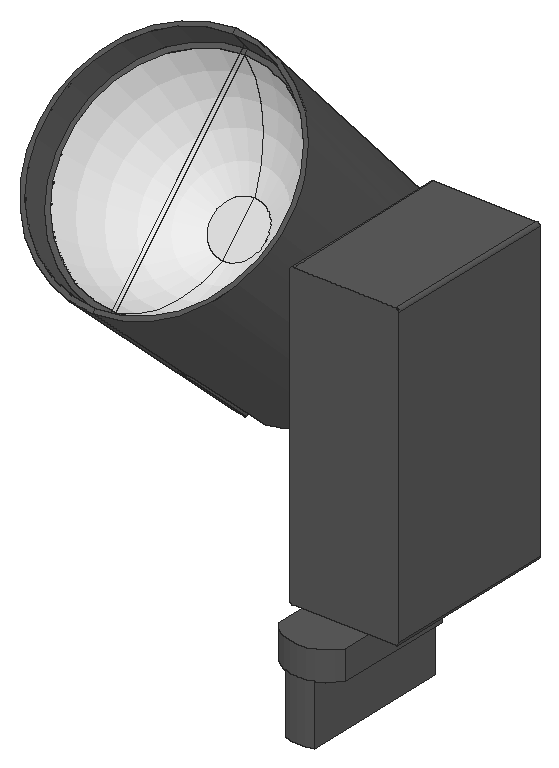
Revit family "0004858 Feilo Sylvania Lighting Fixture START TRACK SPOT L 55W 4K RA80 WB BLACK", category Lighting Fixtures, host Face, Revit 2017 (continued)
Definition of nested family "Start Track Spot Head"
  Types (96, lengths in mm): name | Wattage | built-in parameter 1150134 | Photometric Web File | Model | built-in parameter 1150105 | Lumens | built-in parameter 1150107 | built-in parameter 1150106 | HeadThickness_FEILO | HeadRibOffset_FEILO | HeadRibDepth_FEILO | HeadRibCutWidth_FEILO | HeadRibCutOffset_FEILO | HeadReflectorRadius_FEILO | HeadReflectorOffset_FEILO | HeadLEDRadius_FEILO | HeadHeight_FEILO | HeadDiffusorOffset_FEILO | HeadDiaOut_FEILO | HeadDiaIn_FEILO | HeadAxisFromTop_FEILO | Emit from Circle Diameter | built-in parameter 1150104 | Description | Apparent Load
    0004812 START TRACK SPOT S 14W 3K RA80 MB WHITE | 14 W | (empty or 0) | "0004812.ies" | "START TRACK SPOT S 14W 3K RA80 MB WHITE" | 120.32 (stored number, unit not read) | 1512 lm | 3000 (stored number, unit not read) | 1.2032 (stored number, unit not read) | 1.5 | 4.179 | 55.714 | 7.167 | 50.87 | 50.588 | 55.714 | 9.556 | 117 | 9.435 | 86 | 77.477 | 69.354 | 77.477 | 10.034 (stored number, unit not read) | "Integrated LED spotlight, Textured White - RAL9016, compact and minimalist design, ideal for retail applications, die-cast aluminium body, passive cooling heatsink. Beam angle: 36°, color temperature: 3000K , total system power: 14W, total fixture output: 1508 lm, LOR: 100%, colour rendering: Ra: 80 typical, LED Chromaticity: 3 step MacAdam ellipse, lifetime: >50000 hours at L70B50, energy class: A++, A+, A, IR/UV free light source without heat radiation, operating voltage: 220-240V / 50-60Hz, drive current: 350mA, electronic driver, non-dimmable, power factor: 0.92, electrical protection: Class II, Global Track 3 Phase adapter suitable for Global trac 3-circuit tracks, ingress protection rating: IP20, suitable for internal environment only, horizontal rotation: 355°, vertical tilt: 90°, dimensions: Ø86x140x200, weight: 0.940kg." | 14 VA
    0004811 START TRACK SPOT S 14W 3K RA80 NB WHITE | 14 W | (empty or 0) | "0004811.ies" | "START TRACK SPOT S 14W 3K RA80 NB WHITE" | 123.66 (stored number, unit not read) | 1554 lm | 3000 (stored number, unit not read) | 1.2366 (stored number, unit not read) | 1.5 | 4.179 | 55.714 | 7.167 | 50.87 | 50.588 | 55.714 | 9.556 | 117 | 9.435 | 86 | 77.477 | 69.354 | 77.477 | 10.312 (stored number, unit not read) | "Integrated LED spotlight, Textured White - RAL9016, compact and minimalist design, ideal for retail applications, die-cast aluminium body, passive cooling heatsink. Beam angle: 12°, color temperature: 3000K , total system power: 14W, total fixture output: 1551 lm, LOR: 100%, colour rendering: Ra: 80 typical, LED Chromaticity: 3 step MacAdam ellipse, lifetime: >50000 hours at L70B50, energy class: A++, A+, A, IR/UV free light source without heat radiation, operating voltage: 220-240V / 50-60Hz, drive current: 350mA, electronic driver, non-dimmable, power factor: 0.92, electrical protection: Class II, Global Track 3 Phase adapter suitable for Global trac 3-circuit tracks, ingress protection rating: IP20, suitable for internal environment only, horizontal rotation: 355°, vertical tilt: 90°, dimensions: Ø86x140x200, weight: 0.940kg." | 14 VA
  Reference planes
    plane 1 "Center (Front/Back)": y = 0
    plane 2: z = 0
    plane 3 "Center (Left/Right)": x = 0
    plane 4: x = 43
    plane 5: x = -43
    plane 6: x = -38.739
    plane 7: x = 38.739
    plane 8: z = 69.354
    plane 9: z = -47.646
    plane 10: x = -41.5
    plane 11: x = -37.239
    plane 12: z = -38.211
    plane 13: z = -35.211
    plane 14: z = 8.068
    plane 15: x = -9.556
    plane 16: x = -28.667
    plane 17: x = -19.111
    plane 18: x = -27.167
    plane 19: x = -17.611
    plane 20: x = -8.056
    plane 21: z = 13.64
    plane 22: x = -29.667
    plane 23: x = -26.167
    plane 24: x = -20.111
    plane 25: x = -16.611
    plane 26: x = -10.556
    plane 27: x = -7.056
    plane 28: x = -36.239
    plane 29: x = -40.5
    plane 30: z = 65.175
    plane 31: z = 60.997
    plane 32: z = 56.818
    plane 33: z = 18.484
    plane 34: y = -43
    plane 35: y = 43
    plane 36: y = 3.583
    plane 37: y = -3.583
    plane 38: y = -2.583
    plane 39: y = 2.583
    plane 40: y = 46
    plane 41: z = 13.5
    plane 42: z = -13.5
    plane 43: y = 39
    plane 44: x = 4.708
    plane 45: x = -2.458
    plane 46: x = -1.458
    plane 47: x = 1.458
  Forms (mm)
    Extrusion 1, solid
      sketch origin (4.2, 0, 0) x (1, 0, 0) y (0, 1, 0)
        loop
          line (-1219.2, 1219.2) -> (-1219.2, -1219.2) -> (1219.2, -1219.2) -> (1219.2, 1219.2) -> (-1219.2, 1219.2)
      from 0 to -68.017
    Revolve 2, solid, material <- "Material_1_FEILO", detail levels medium+fine
      sketch origin (0, 0, 0) x (1, 0, 0) y (0, 0, 1)
        loop
          line (-43, -47.646) -> (-41.5, -47.646) -> (-40.5, -35.211) -> (-38.739, -35.211)
          arc (-38.739, -35.211) -> (-30.16, -9.517) -> (-9.556, 8.068) r 50.588
          line (-9.556, 8.068) -> (0, 8.068) -> (0, 13.64) -> (-16.611, 13.64) -> (-17.611, 60.997) -> (-19.111, 60.997) -> (-20.111, 13.64) -> (-36.239, 13.64) -> (-37.239, 69.354) -> (-38.739, 69.354) -> (-43, -47.646)
        axis (0, 69.354) -> (0, -47.646)
      angle from 360 to 0
    Extrusion 3, void
      sketch origin (0, 0, 0) x (0, 1, 0) y (0, 0, 1)
        loop
          line (-3.583, 69.354) -> (-2.583, 18.484) -> (1.932, 18.484) -> (2.932, 69.354) -> (-3.583, 69.354)
      from 43 to -43
    Revolve 4, solid, material <- "Material_2_FEILO", detail levels medium+fine
      sketch origin (0, 0, 0) x (1, 0, 0) y (0, 0, 1)
        loop
          line (-41.5, -38.211) -> (0, -38.211) -> (0, -35.211) -> (-41.5, -35.211) -> (-41.5, -38.211)
        axis (0, -35.211) -> (0, -38.211)
      angle from 360 to 0
    Revolve 5, solid, material <- "Material_1_FEILO"
      sketch origin (0, 0, 0) x (0, 1, 0) y (0, 0, 1)
        loop
          line (46, 0) -> (39, 0) -> (39, -13.5) -> (46, -13.5) -> (46, 0)
        axis (39, 0) -> (46, 0)
      angle from 360 to 0
    Revolve 6, solid, material <- "Material_1_FEILO", detail levels medium+fine
      sketch origin (0, 0, 0) x (1, 0, 0) y (0, 0, 1)
        loop
          line (-29.667, 13.64) -> (-26.167, 13.64) -> (-27.167, 65.175) -> (-28.667, 65.175) -> (-29.667, 13.64)
        loop
          line (-10.556, 13.64) -> (-7.056, 13.64) -> (-7.833, 56.818) -> (-9.778, 56.818) -> (-10.556, 13.64)
        axis (0, 65.175) -> (0, 13.64)
      angle from 360 to 0
    Extrusion 7, void
      sketch origin (0, 0, 0) x (1, 0, 0) y (0, 0, 1)
        loop
          line (4.708, 69.354) -> (-2.458, 69.354) -> (-1.458, 13.64) -> (1.458, 13.64) -> (4.708, 69.354)
      from -43 to 43
    Revolve 8, solid, material <- "Material_1_FEILO", detail levels coarse
      sketch origin (0, 0, 0) x (1, 0, 0) y (0, 0, 1)
        loop
          line (0, 69.354) -> (-38.739, 69.354) -> (-43, -47.646) -> (-41.5, -47.646) -> (-40.731, -38.211) -> (0, -38.211) -> (0, 69.354)
        axis (0, 69.354) -> (0, -47.646)
      angle from 360 to 0
  Cuts and joins
    Extrusion 3 cuts Revolve 2
    Extrusion 7 cuts Revolve 6
  Dimensions and locks
    equal spacing: plane 7, plane 3 "Center (Left/Right)", plane 6
    equal spacing: plane 4, plane 3 "Center (Left/Right)", plane 5
    "HeadDiaOut_FEILO": plane 4 to plane 5
    "HeadDiaIn_FEILO": plane 7 to plane 6
    "HeadHeight_FEILO": plane 8 to plane 9
    "HeadThickness_FEILO": plane 10 to plane 5
    "HeadThickness_FEILO": plane 11 to plane 6
    "HeadDiffusorOffset_FEILO": plane 12 to plane 9
    "HeadDiffusorThickness_FEILO": plane 13 to plane 12
    "HeadReflectorOffset_FEILO": plane 14 to plane 9
    "HeadLEDRadius_FEILO": plane 3 "Center (Left/Right)" to plane 15
    "HeadLEDRadius_FEILO": plane 15 to plane 17
    "HeadLEDRadius_FEILO": plane 17 to plane 16
    "HeadThickness_FEILO": plane 18 to plane 16
    "HeadThickness_FEILO": plane 19 to plane 17
    "HeadThickness_FEILO": plane 20 to plane 15
    "HeadRibDepth_FEILO": plane 8 to plane 21
    "HeadDraft_FEILO": plane 16 to plane 22
    "HeadDraft_FEILO": plane 23 to plane 18
    "HeadDraft_FEILO": plane 17 to plane 24
    "HeadDraft_FEILO": plane 25 to plane 19
    "HeadDraft_FEILO": plane 15 to plane 26
    "HeadDraft_FEILO": plane 27 to plane 20
    "HeadDraft_FEILO": plane 29 to plane 10
    "HeadDraft_FEILO": plane 28 to plane 11
    "HeadRibOffset_FEILO": plane 8 to plane 30
    "HeadRibOffset_FEILO": plane 30 to plane 31
    "HeadRibOffset_FEILO": plane 31 to plane 32
    "HeadAxisFromTop_FEILO": plane 8 to plane 2
    "HeadRibCutOffset_FEILO": plane 8 to plane 33
    equal spacing: plane 34, plane 1 "Center (Front/Back)", plane 35
    "HeadDiaOut_FEILO": plane 34 to plane 35
    equal spacing: plane 38, plane 1 "Center (Front/Back)", plane 39
    equal spacing: plane 37, plane 1 "Center (Front/Back)", plane 36
    "HeadRibCutWidth_FEILO": plane 37 to plane 36
    "HeadDraft_FEILO": plane 37 to plane 38
    locked: plane 35 to plane 40 at 3
    equal spacing: plane 41, plane 2, plane 42
    locked: plane 42 to plane 41 at 27
    locked: plane 43 to plane 35 at 4
    equal spacing: plane 45, imposter light, plane 44
    "HeadDraft_FEILO": plane 46 to plane 45
    "HeadRibCutWidth_FEILO": plane 44 to plane 45
    equal spacing: plane 47, plane 3 "Center (Left/Right)", plane 46
    "HeadReflectorRadius_FEILO": radius of Revolve 2 sketch curve
    aligned and locked: plane 2 to Extrusion 1
    aligned and locked: level to Extrusion 1
    aligned and locked: Revolve 2 sketch curve to plane 3 "Center (Left/Right)"  (x2)
    aligned and locked: plane 9 to Revolve 2 sketch curve  (x2)
    aligned and locked: plane 5 to Revolve 2 sketch curve
    aligned and locked: plane 10 to Revolve 2 sketch curve
    aligned and locked: plane 14 to Revolve 2 sketch curve
    aligned and locked: plane 8 to Revolve 2 sketch curve
    aligned and locked: Revolve 2 sketch curve to plane 13
    aligned and locked: plane 12 to Revolve 4 sketch curve
    aligned and locked: plane 3 "Center (Left/Right)" to Revolve 4 sketch curve
    aligned and locked: Revolve 4 sketch curve to plane 10
    aligned and locked: Revolve 4 sketch curve to plane 3 "Center (Left/Right)"
    aligned and locked: plane 12 to imposter light
    aligned and locked: imposter light to plane 1 "Center (Front/Back)"
    aligned and locked: Revolve 5 sketch curve to plane 2
    aligned and locked: plane 43 to Revolve 5 sketch curve
    aligned and locked: plane 42 to Revolve 5 sketch curve
    aligned and locked: Revolve 6 sketch curve to plane 3 "Center (Left/Right)"
    aligned and locked: plane 22 to Revolve 6 sketch curve
    aligned and locked: plane 30 to Revolve 6 sketch curve
    aligned and locked: plane 23 to Revolve 6 sketch curve
    aligned and locked: Revolve 6 sketch curve to plane 21  (x2)
    aligned and locked: plane 21 to Revolve 6 sketch curve
    aligned and locked: plane 17 to Revolve 2 sketch curve
    aligned and locked: plane 19 to Revolve 2 sketch curve
    aligned and locked: plane 31 to Revolve 2 sketch curve
    aligned and locked: plane 21 to Revolve 2 sketch curve
    aligned and locked: Extrusion 3 to plane 8
    aligned and locked: plane 33 to Extrusion 3
    aligned and locked: plane 8 to Extrusion 3 sketch curve
    aligned and locked: Extrusion 3 sketch curve to plane 33
    aligned and locked: Extrusion 3 to plane 5
    aligned and locked: plane 4 to Extrusion 3
    aligned and locked: plane 32 to Revolve 6 sketch curve
    aligned and locked: plane 44 to Extrusion 7 sketch curve
    aligned and locked: Extrusion 7 sketch curve to plane 8
    aligned and locked: plane 46 to Extrusion 7 sketch curve
    aligned and locked: plane 21 to Extrusion 7 sketch curve
    aligned and locked: plane 34 to Extrusion 7
    aligned and locked: Extrusion 7 to plane 35
    aligned and locked: Revolve 4 sketch curve to plane 13
    aligned and locked: Revolve 5 sketch curve to plane 40
    aligned and locked: Revolve 8 sketch curve to plane 3 "Center (Left/Right)"
    aligned and locked: Revolve 8 sketch curve to cut or joined group of Revolve 2, Extrusion 3  (x3)
    aligned and locked: plane 5 to Revolve 8 sketch curve
    aligned and locked: plane 3 "Center (Left/Right)" to Revolve 8 sketch curve
    aligned and locked: plane 12 to Revolve 8 sketch curve
  Automatic sketch dimensions
    Extrusion 1 sketch curve to Extrusion 1 sketch curve = 2438.4 mm  (x2)
    Extrusion 3 sketch curve to plane 37 = 0 mm
    Extrusion 3 sketch curve to plane 38 = 0 mm
    plane 39 to Extrusion 3 sketch curve = 0.651 mm
    Extrusion 3 sketch curve to plane 39 = 0.349 mm
    Revolve 6 sketch curve to plane 16 = 0 mm
    Revolve 6 sketch curve to plane 18 = 0 mm
    Revolve 6 sketch curve to plane 26 = 0 mm
    Revolve 6 sketch curve to plane 27 = 0 mm
    Revolve 6 sketch curve to plane 15 = 0.222 mm
    plane 9 to Revolve 6 sketch curve = 559.103 mm
    Revolve 6 sketch curve to plane 8 = 2535.555 mm
    plane 20 to Revolve 6 sketch curve = 0.222 mm
    Revolve 2 sketch curve to plane 29 = 0 mm
    Revolve 2 sketch curve to plane 6 = 0 mm  (x2)
    Revolve 2 sketch curve to plane 11 = 0 mm
    Revolve 2 sketch curve to plane 21 = 0 mm
    Revolve 2 sketch curve to plane 28 = 0 mm
    Revolve 2 sketch curve to plane 24 = 0 mm
    Revolve 2 sketch curve to plane 25 = 0 mm
    Revolve 2 sketch curve to plane 15 = 0 mm
    Revolve 2 sketch curve to Revolve 2 sketch curve = 557.155 mm
    Revolve 2 sketch curve to plane 8 = 2535.558 mm
    Extrusion 7 sketch curve to plane 45 = 0 mm
    Extrusion 7 sketch curve to plane 47 = 0 mm
    plane 9 to Revolve 4 sketch curve = 559.103 mm
    Revolve 4 sketch curve to plane 8 = 2535.555 mm
    Revolve 5 sketch curve to level = 0 mm
    plane 34 to Revolve 5 sketch curve = 1968.092 mm
    Revolve 5 sketch curve to plane 40 = 1405.763 mm
    Revolve 8 sketch curve to plane 6 = 0 mm
    Revolve 8 sketch curve to plane 29 = 0.231 mm
    plane 9 to Revolve 8 sketch curve = 559.103 mm
    Revolve 8 sketch curve to Revolve 8 sketch curve = 2535.555 mm
Definition of nested family "Start Track Spot Box"
  Parameters (values of type "Type Large White")
    URL = "http://www.feilosylvania.com"
    Type Image = (empty or 0)
    Type Comments = "n/a"
    Small_FEILO = no
    Material_3_FEILO = none
    Model = ""
    Manufacturer = "Feilo Sylvania"
    Keynote = ""
    Material_2_FEILO = none
    Description = ""
    Default Elevation = 1219.2 mm
    Cost = 0
    Material_1_FEILO = none
    BoxWidth_FEILO = 49 mm
    BoxStartAngle_FEILO [instance] = 0.00°
    BoxRadius_FEILO = 1.5 mm
    BoxHeight_FEILO = if(Small_FEILO, 112 mm, 136 mm)  # 136 mm
    BoxEndAngle_FEILO [instance] = BoxStartAngle_FEILO - 180.00°  # -180.00°
    BoxDepth_FEILO = if(Small_FEILO, 71.5 mm, 79 mm)  # 79 mm
    BoxAxisVerticalOffset_FEILO = 16 mm
    BoxAxisOffset_FEILO = BoxHeight_FEILO / 6.8  # 20 mm
    Assembly Code = ""
    Material_4_FEILO = none
  Types (4, lengths in mm): name | Small_FEILO | BoxHeight_FEILO | BoxDepth_FEILO | BoxAxisOffset_FEILO
    Type Large White | no | 136 | 79 | 20
    Type Small White | yes | 112 | 71.5 | 16.471
    Type Small Black | yes | 112 | 71.5 | 16.471
    Type Large Black | no | 136 | 79 | 20
  Reference planes
    plane 1 "Center (Front/Back)": y = 0
    plane 2: z = 0
    plane 3 "Center (Left/Right)": x = 0
    plane 4: x = 24.5
    plane 5: x = -24.5
    plane 6: y = 68
    plane 7: y = -68
    plane 8: z = 39.5
    plane 9: z = -39.5
    plane 10: y = -48
    plane 11: x = 30.5
    plane 12: x = 8.5
    plane 13: x = 21.5
    plane 14: y = 70
    plane 15: y = 72
    plane 16: x = 19.5
  Forms (mm)
    Extrusion 1, solid
      sketch origin (4.2, 0, 0) x (1, 0, 0) y (0, 1, 0)
        loop
          line (-1219.2, 1219.2) -> (-1219.2, -1219.2) -> (1219.2, -1219.2) -> (1219.2, 1219.2) -> (-1219.2, 1219.2)
      from 0 to -68.017
    Extrusion 2, solid, material <- "Material_1_FEILO"
      sketch origin (0, 0, 0) x (1, 0, 0) y (0, 1, 0)
        loop
          arc (-23, 68) -> (-24.061, 67.561) -> (-24.5, 66.5) r 1.5
          line (-24.5, 66.5) -> (-24.5, -66.5)
          arc (-24.5, -66.5) -> (-24.061, -67.561) -> (-23, -68) r 1.5
          line (-23, -68) -> (23, -68)
          arc (23, -68) -> (24.061, -67.561) -> (24.5, -66.5) r 1.5
          line (24.5, -66.5) -> (24.5, 66.5)
          arc (24.5, 66.5) -> (24.061, 67.561) -> (23, 68) r 1.5
          line (23, 68) -> (-23, 68)
      from -39.5 to 39.5
    Revolve 3, solid, not visible
      sketch origin (0, 0, 0) x (1, 0, 0) y (0, 1, 0)
        loop
          line (30.5, -48) -> (24.5, -48) -> (24.5, -68) -> (30.5, -68) -> (30.5, -48)
        axis (30.5, -48) -> (24.5, -48)
      angle from 0 <- "BoxStartAngle_FEILO" to -180 <- "BoxEndAngle_FEILO"
    Revolve 4, solid, material <- "Material_2_FEILO"
      sketch origin (0, 0, 0) x (1, 0, 0) y (0, 1, 0)
        loop
          line (8.5, 68) -> (19.5, 68) -> (19.5, 70) -> (21.5, 70) -> (21.5, 72) -> (8.5, 72) -> (8.5, 68)
        axis (8.5, 72) -> (8.5, 68)
      angle from 360 to 0
  Dimensions and locks
    equal spacing: plane 5, plane 3 "Center (Left/Right)", plane 4
    "BoxWidth_FEILO": plane 5 to plane 4
    equal spacing: plane 7, plane 1 "Center (Front/Back)", plane 6
    "BoxHeight_FEILO": plane 7 to plane 6
    equal spacing: plane 8, plane 2, plane 9
    "BoxDepth_FEILO": plane 8 to plane 9
    "BoxAxisOffset_FEILO": plane 7 to plane 10
    locked: plane 4 to plane 11 at 6
    "BoxAxisVerticalOffset_FEILO": plane 12 to plane 4
    locked: plane 12 to plane 13 at 13
    plane 6 to plane 14 to plane 15 = 2 mm locked, 2 mm locked
    locked: plane 12 to plane 16 at 11
    "BoxRadius_FEILO": radius of Extrusion 2 sketch curve  (x4)
    aligned and locked: plane 2 to Extrusion 1
    aligned and locked: level to Extrusion 1
    aligned and locked: plane 6 to Extrusion 2 sketch curve
    aligned and locked: plane 5 to Extrusion 2 sketch curve
    aligned and locked: Extrusion 2 sketch curve to plane 7
    aligned and locked: Extrusion 2 sketch curve to plane 4
    aligned and locked: Extrusion 2 to plane 8
    aligned and locked: plane 9 to Extrusion 2
    aligned and locked: Revolve 3 sketch curve to plane 10  (x2)
    aligned and locked: plane 11 to Revolve 3 sketch curve
    aligned and locked: Revolve 3 sketch curve to plane 4
    aligned and locked: plane 7 to Revolve 3 sketch curve
    aligned and locked: Revolve 4 sketch curve to plane 12
    aligned and locked: plane 6 to Revolve 4 sketch curve
    aligned and locked: plane 12 to Revolve 4 sketch curve
    aligned and locked: plane 15 to Revolve 4 sketch curve
    aligned and locked: Revolve 4 sketch curve to plane 13
    aligned and locked: Revolve 4 sketch curve to plane 14
    aligned and locked: Revolve 4 sketch curve to plane 16
    aligned and locked: Revolve 4 sketch curve to plane 6
  Automatic sketch dimensions
    Extrusion 1 sketch curve to Extrusion 1 sketch curve = 2438.4 mm  (x2)
    Revolve 3 sketch curve to plane 5 = 1499.5 mm
    plane 11 to Revolve 3 sketch curve = 1493.5 mm
    plane 15 to Revolve 4 sketch curve = 0 mm
    plane 7 to Revolve 4 sketch curve = 1456 mm
    Revolve 4 sketch curve to plane 15 = 1452 mm
